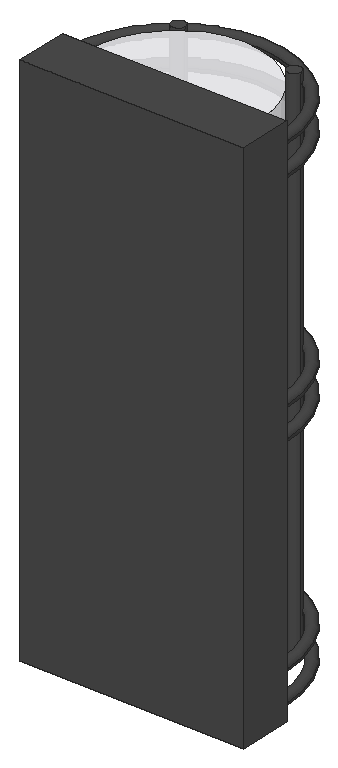
Revit family
Parameters (values of type "Biax 4-Pin 2 -  39W - 277V")
  Width = 0' - 8 3/8"
  Wet Location [instance] = yes
  Watts = 78 W
  Wattage = 38.373 W
  built-in parameter 1150110 = 1 (stored number, unit not read)
  Voltage = 277 V
  URL = "http://teronlighting.com/"
  built-in parameter 1114217 = 0.81 (stored number, unit not read)
  Tilt Angle = 0.00°
  built-in parameter 1150109 = 1 (stored number, unit not read)
  built-in parameter 1150134 = (empty or 0)
  built-in parameter 1150113 = 1 (stored number, unit not read)
  Requires Special Disposal = no
  Remote Battery [instance] = no
  Product Page URL = "http://teronlighting.com/royal-eb-ttb/"
  Product Documentation URL = "http://teronlighting.com/wp-content/uploads/Royal-EB-TTB.pdf"
  Product = "Royal EB TTB"
  Point of Final Manufacture = "Fairfield, OH, USA"
  Photometric Web File = "generic.ies"
  Percentage Pre-Consumer = no
  Percentage Post-Consumer = no
  Number of Lamps = 2
  built-in parameter 1150142 = (empty or 0)
  Mounting Type = "4\" Junction Box"
  Model = "RL - EB - TTB - 139X"
  MasterFormat 2004 Title = "Exterior Lighting"
  MasterFormat 2004 Number = "26.56.00"
  Manufacturer Telephone = "01-513-858-6004"
  Manufacturer Email = "sales@teronlight.com"
  Manufacturer Address = "33 Donald Drive Fairfield, OH 45014"
  Manufacturer = "Teron Lighting"
  Lumens = 5700 lm
  built-in parameter 1150115 = 1 (stored number, unit not read)
  built-in parameter 1150105 = 453.59 (stored number, unit not read)
  built-in parameter 1150137 = (empty or 0)
  built-in parameter 1150139 = 0.81 (stored number, unit not read)
  Length = 1' - 8 1/8"
  built-in parameter 1150112 = 1 (stored number, unit not read)
  built-in parameter 1150114 = 1 (stored number, unit not read)
  Lamp Base = "4-Pin"
  Lamp = "2 - 39W Biax 4-Pin"
  Integral Battery [instance] = no
  built-in parameter 1150132 = 2
  built-in parameter 1150102 = (empty or 0)
  built-in parameter 1150138 = 4100 (stored number, unit not read)
  built-in parameter 1150107 = 4100 (stored number, unit not read)
  Industry Standards = "ETL, Buy America Act, Vandal Resistant"
  built-in parameter 1150106 = 4.5359 (stored number, unit not read)
  Fused [instance] = no
  Fixture Material = Paint - TLI - Textured Black
  Fixture = "Steel"
  Finish = "Textured Black"
  Emergency Light Fixture [instance] = no
  Electronic Ballast [instance] = yes
  built-in parameter 1150104 = 13.8 (stored number, unit not read)
  Distributor Locations = "USA, Canada, Puerto Rico"
  Dimming Lamp Color Temperature Shift = (empty or 0)
  Dimming Ballast [instance] = no
  Diffuser Material = Polycarbonate - TLI - Luminous White
  Diffuser = "Polycarbonate - Luminous White"
  Description = "Architectectural Outdoor"
  Depth = 0' - 6 1/8"
  Date Created = "8.1.2011"
  Created By = "RenderSpec  http://rederspec.com"
  Cost = 0
  Conditions of Use = "Elements are representations. Color and detail may differ from actual product. Information is for general use and should be reviewed by a Professional."
  Color Filter = 16777215
  built-in parameter 1114218 = 1 (stored number, unit not read)
  built-in parameter 1150133 = 10 (stored number, unit not read)
  Apparent Load = 78 VA
  Amps = Watts / Voltage / 1 A  # 0.28159
  ADA Compliant = no
Types (8): name | Watts | Wattage | Voltage | Model | Lumens | built-in parameter 1150105 | Lamp | built-in parameter 1150106 | Apparent Load | Amps
  QE 2 -  26W - 120V | 52 W | 24.2356 W | 120 V | "RL - EB - TTB - 226X" | 3600 lm | 286.48 (stored number, unit not read) | "2 - 26W QE" | 2.8648 (stored number, unit not read) | 52 VA | 0.43333
  QE 2 -  26W - 277V | 52 W | 24.2356 W | 277 V | "RL - EB - TTB - 226X" | 3600 lm | 286.48 (stored number, unit not read) | "2 - 26W QE" | 2.8648 (stored number, unit not read) | 52 VA | 0.18773
  TBX 2 -  32W - 120V | 64 W | 32.3141 W | 120 V | "RL - EB - TTB - 232X" | 4800 lm | 381.97 (stored number, unit not read) | "2 - 32W TBX" | 3.8197 (stored number, unit not read) | 64 VA | 0.53333
  TBX 2 -  32W - 277V | 64 W | 32.3141 W | 277 V | "RL - EB - TTB - 232X" | 4800 lm | 381.97 (stored number, unit not read) | "2 - 32W TBX" | 3.8197 (stored number, unit not read) | 64 VA | 0.23105
  Biax 4-Pin 2 -  27W - 120V | 54 W | 24.2356 W | 120 V | "RL - EB - TTB - 139X" | 3600 lm | 286.48 (stored number, unit not read) | "2 - 27W Biax 4-Pin" | 2.8648 (stored number, unit not read) | 54 VA | 0.45
  Biax 4-Pin 2 -  27W - 277V | 54 W | 24.2356 W | 277 V | "RL - EB - TTB - 139X" | 3600 lm | 286.48 (stored number, unit not read) | "2 - 27W Biax 4-Pin" | 2.8648 (stored number, unit not read) | 54 VA | 0.19495
  Biax 4-Pin 2 -  39W - 120V | 78 W | 38.373 W | 120 V | "RL - EB - TTB - 139X" | 5700 lm | 453.59 (stored number, unit not read) | "2 - 39W Biax 4-Pin" | 4.5359 (stored number, unit not read) | 78 VA | 0.65
  Biax 4-Pin 2 -  39W - 277V | 78 W | 38.373 W | 277 V | "RL - EB - TTB - 139X" | 5700 lm | 453.59 (stored number, unit not read) | "2 - 39W Biax 4-Pin" | 4.5359 (stored number, unit not read) | 78 VA | 0.28159
Reference planes (in)
  plane 1: y = 0
  plane 2 "Light Source Axis (L/R)": x = 4.92126
  plane 3 "Light Source Axis (F/R)": y = 4.95276
  plane 4 "Light Source Elevation": z = 60
  plane 5: y = 7.95276
  plane 6: y = 9.07776
  plane 7: y = 3.95276
  plane 8: z = 70.0625
  plane 9: z = 49.9375
  plane 10: z = 69.8125
  plane 11: z = 50.1875
  plane 12: x = 9.10876
  plane 13: x = 0.73376
  plane 14: x = 8.17126
  plane 15: x = 1.67126
Forms (in)
  Extrusion 1, solid, material "Paint - TLI - Textured Black" <- "Fixture Material"
    sketch origin (0, 0, 60) x (1, 0, 0) y (0, 1, 0)
      loop
        line (0.73376, 2.95276) -> (9.10876, 2.95276) -> (9.10876, 4.95276) -> (0.73376, 4.95276) -> (0.73376, 2.95276)
    from 10.0625 to -10.0625
  Extrusion 2, solid, material "Paint - TLI - Textured Black" <- "Fixture Material"
    sketch origin (0, 0, 60) x (1, 0, 0) y (0, 1, 0)
      loop
        circle (2.75722, 7.8145) r 0.25
      loop
        circle (7.0853, 7.8145) r 0.25
    from 9.8125 to -9.8125
  Extrusion 3, solid, material "Polycarbonate - TLI - Luminous White" <- "Diffuser Material"
    sketch origin (0, 0, 60) x (1, 0, 0) y (0, 1, 0)
      loop
        line (1.67126, 4.95276) -> (8.17126, 4.95276)
        arc (8.17126, 4.95276) -> (4.92126, 8.20276) -> (1.67126, 4.95276) r 3.25
    from 9.8125 to -9.8125
  Sweep 4, solid, material "Paint - TLI - Textured Black" <- "Fixture Material"
    path origin (0, 0, 69.90068) x (1, 0, 0) y (0, 1, 0)
      loop
        arc (8.92126, 4.95276) -> (4.92126, 8.95276) -> (0.92126, 4.95276) r 4
    profile origin (4.92126, 8.95276, 69.90068) x (0, -1, 0) y (0, 0, 1)
      loop
        circle (0, -0.5) r 0.2
  Sweep 5, solid, material "Paint - TLI - Textured Black" <- "Fixture Material"
    path origin (0, 0, 68.05886) x (0, -1, 0) y (1, 0, 0)
      loop
        arc (-4.95276, 8.92126) -> (-8.95276, 4.92126) -> (-4.95276, 0.92126) r 4
    profile origin (4.92126, 8.95276, 68.05886) x (0, -1, 0) y (0, 0, 1)
      loop
        circle (0, 0.2) r 0.2
  Sweep 6, solid, material "Paint - TLI - Textured Black" <- "Fixture Material"
    path origin (0, 0, 50.09932) x (0, -1, 0) y (1, 0, 0)
      loop
        arc (-4.95276, 8.92126) -> (-8.95276, 4.92126) -> (-4.95276, 0.92126) r 4
    profile origin (4.92126, 8.95276, 50.09932) x (0, -1, 0) y (0, 0, 1)
      loop
        circle (0, 0.5) r 0.2
  Sweep 7, solid, material "Paint - TLI - Textured Black" <- "Fixture Material"
    path origin (0, 0, 51.94114) x (1, 0, 0) y (0, 1, 0)
      loop
        arc (8.92126, 4.95276) -> (4.92126, 8.95276) -> (0.92126, 4.95276) r 4
    profile origin (4.92126, 8.95276, 51.94114) x (0, -1, 0) y (0, 0, 1)
      loop
        circle (0, -0.2) r 0.2
  Sweep 8, solid, material "Paint - TLI - Textured Black" <- "Fixture Material"
    path origin (0, 0, 61.07091) x (1, 0, 0) y (0, 1, 0)
      loop
        arc (8.92126, 4.95276) -> (4.92126, 8.95276) -> (0.92126, 4.95276) r 4
    profile origin (4.92126, 8.95276, 61.07091) x (0, -1, 0) y (0, 0, 1)
      loop
        circle (0, -0.5) r 0.2
  Sweep 9, solid, material "Paint - TLI - Textured Black" <- "Fixture Material"
    path origin (0, 0, 59.22909) x (0, -1, 0) y (1, 0, 0)
      loop
        arc (-4.95276, 8.92126) -> (-8.95276, 4.92126) -> (-4.95276, 0.92126) r 4
    profile origin (4.92126, 8.95276, 59.22909) x (0, -1, 0) y (0, 0, 1)
      loop
        circle (0, 0.2) r 0.2
Text (in)
  text "Placement side" at (-70.3598, 43.96769, 0), in view "Ref. Level"
  text "Placement side" at (0, 83.08644, 117.56134), in view "Left"
  text "Placement side" at (0, 24.74324, 118.58137), in view "Right"
Dimensions and locks (in)
  Extrusion 1 to Extrusion 1 = 0' - 2"
  host wall to plane 5 = 0' - 5"
  host wall to plane 6 = 0' - 6 1/8"
  "Depth": host wall to plane 6
  equal spacing: plane 9, plane 4 "Light Source Elevation", plane 8
  "Length": plane 9 to plane 8
  "Width": plane 12 to plane 13
  aligned and locked: plane 1 to host wall
  aligned and locked: plane 2 "Light Source Axis (L/R)" to imposter light
  aligned and locked: plane 3 "Light Source Axis (F/R)" to imposter light
  aligned and locked: plane 4 "Light Source Elevation" to imposter light
  aligned and locked: plane 10 to Extrusion 3
  aligned and locked: Extrusion 3 to plane 11
  aligned and locked: nested 1 to host wall
Automatic sketch dimensions
  plane 3 "Light Source Axis (F/R)" to Extrusion 1 sketch curve = 0' - 0"
  Extrusion 1 sketch curve to plane 13 = 0' - 0"
  Extrusion 1 sketch curve to plane 12 = 0' - 0"
  Extrusion 1 sketch curve to host wall = 0' - 0"
  Extrusion 2 sketch curve to plane 5 = 0' - 0.13826"  (x2)
  plane 15 to Extrusion 2 sketch curve = 0' - 1.08596"
  Extrusion 2 sketch curve to plane 14 = 0' - 1.08596"
  plane 3 "Light Source Axis (F/R)" to Extrusion 3 sketch curve = 0' - 0"
  Extrusion 3 sketch curve to plane 15 = 0' - 0"
  Extrusion 3 sketch curve to plane 2 "Light Source Axis (L/R)" = 0' - 0"
  plane 3 "Light Source Axis (F/R)" to Sweep 4 sketch curve = 0' - 0"
  Sweep 4 sketch curve to plane 2 "Light Source Axis (L/R)" = 0' - 0"
  plane 13 to Sweep 4 sketch curve = 0' - 0 3/16"
  Sweep 4 sketch curve to profile plane = 0' - 0"
  Sweep 4 sketch curve to profile plane = 0' - 0 1/2"
  plane 3 "Light Source Axis (F/R)" to Sweep 5 sketch curve = 0' - 0"
  Sweep 5 sketch curve to plane 2 "Light Source Axis (L/R)" = 0' - 0"
  plane 13 to Sweep 5 sketch curve = 0' - 0 3/16"
  Sweep 5 sketch curve to profile plane = 0' - 0"
  profile plane to Sweep 5 sketch curve = 0' - 0.2"
  plane 3 "Light Source Axis (F/R)" to Sweep 6 sketch curve = 0' - 0"
  Sweep 6 sketch curve to plane 2 "Light Source Axis (L/R)" = 0' - 0"
  plane 13 to Sweep 6 sketch curve = 0' - 0 3/16"
  Sweep 6 sketch curve to profile plane = 0' - 0"
  profile plane to Sweep 6 sketch curve = 0' - 0 1/2"
  plane 3 "Light Source Axis (F/R)" to Sweep 7 sketch curve = 0' - 0"
  Sweep 7 sketch curve to plane 2 "Light Source Axis (L/R)" = 0' - 0"
  plane 13 to Sweep 7 sketch curve = 0' - 0 3/16"
  Sweep 7 sketch curve to profile plane = 0' - 0"
  Sweep 7 sketch curve to profile plane = 0' - 0.2"
  plane 3 "Light Source Axis (F/R)" to Sweep 8 sketch curve = 0' - 0"
  Sweep 8 sketch curve to plane 2 "Light Source Axis (L/R)" = 0' - 0"
  plane 13 to Sweep 8 sketch curve = 0' - 0 3/16"
  Sweep 8 sketch curve to profile plane = 0' - 0"
  Sweep 8 sketch curve to profile plane = 0' - 0 1/2"
  plane 3 "Light Source Axis (F/R)" to Sweep 9 sketch curve = 0' - 0"
  Sweep 9 sketch curve to plane 2 "Light Source Axis (L/R)" = 0' - 0"
  plane 13 to Sweep 9 sketch curve = 0' - 0 3/16"
  Sweep 9 sketch curve to profile plane = 0' - 0"
  profile plane to Sweep 9 sketch curve = 0' - 0.2"
  radius of Extrusion 2 sketch curve = 0' - 0 1/4"  (x2)
  radius of Sweep 4 sketch curve = 0' - 0.2"
  radius of Sweep 5 sketch curve = 0' - 0.2"
  radius of Sweep 6 sketch curve = 0' - 0.2"
  radius of Sweep 7 sketch curve = 0' - 0.2"
  radius of Sweep 8 sketch curve = 0' - 0.2"
  radius of Sweep 9 sketch curve = 0' - 0.2"
Nested families (in)
  nested 1: "Wall Mounted Light Fixture" at (4.92126, 2.95276, 0), Emergency Light Fixture <- "Emergency Light Fixture", type "Wall Mounted Light Fixture"
    with Emergency Light Fixture no
Connectors (in)
  electrical at (4.92126, 2.95276, 60), driven by "Voltage", driven by "Apparent Load"
    settings: on Extrusion 1, index 1, voltage 277 V, apparent load 78 VA, apparent load phase1 0 VA, apparent load phase2 0 VA, apparent load phase3 0 VA, power factor 1, load classification "Other", number of poles 1, system type 30, power factor state 1, is connector primary yes, connector utility no, sub classification motor no, connector description ""
Definition of nested family "Wall Mounted Light Fixture"
  Parameters (values of type "Wall Mounted Light Fixture")
    Emergency Light Fixture [instance] = no
  Reference planes (in)
    plane 1: y = 0
    plane 2: x = 0
  Lines and regions (in)
    detail lines, built-in parameter 1006310 <- "Emergency Light Fixture"
      curve 1: circle (0, 0.125, 0) r 0.0625 normal (0, 0, 1)
    detail lines
      curve 2: line (-0.0625, 0, 0) -> (0.0625, 0, 0)
      curve 3: line (0, 0, 0) -> (0, 0.0625, 0)
